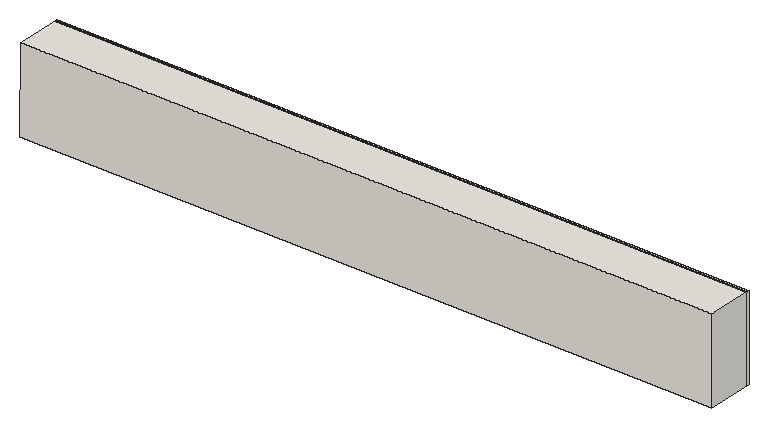
Revit family "ERA_LF_WR_DBA-107", category Осветительные приборы, Revit 2019
Family settings
  Размер круглого соединителя = Использовать диаметр
  Тип детали = Нормальный
  Номер OmniClass = 23.80.70.00
  Заголовок OmniClass = Lighting
  На основе рабочей плоскости = Нет
  Всегда вертикально = Да
  При загрузке вырезать с полостями = Нет
  Источник света = Да
  Общий = Нет
  Точка расчета площади = Да
Parameters (values of type "DBA-107-0-20, LED, IP20, 450х55х30 мм (ДхШхВ), 9 Вт, 6500 К, 430 лм, класс защиты II, в комплекте (драйвер на конденсаторах)")
  built-in parameter 1150104 = 13.8 (stored number, unit not read)
  Чаша подвеса [instance] = yes
  built-in parameter 1150134 = 3
  Файл фотометрической сетки = "DBA-107-0-20.ies"
  Tilt Angle = 90.00°
  УГО_Смещение по оси Y [instance] = 1000.00 mm
  УГО_Смещение по оси X [instance] = 1000.00 mm
  built-in parameter 1150137 = (empty or 0)
  built-in parameter 1150132 = 2
  built-in parameter 1150114 = 1 (stored number, unit not read)
  Dimming Lamp Color Temperature Shift = (empty or 0)
  built-in parameter 1150105 = 486.97 (stored number, unit not read)
  Color Filter = 16777215
  Lumens = 430 lm
  built-in parameter 1150109 = 1 (stored number, unit not read)
  built-in parameter 1150112 = 1 (stored number, unit not read)
  built-in parameter 1150110 = 1 (stored number, unit not read)
  built-in parameter 1150113 = 1 (stored number, unit not read)
  built-in parameter 1150115 = 1 (stored number, unit not read)
  built-in parameter 1114218 = 1 (stored number, unit not read)
  built-in parameter 1114217 = 1 (stored number, unit not read)
  built-in parameter 1150106 = 4.8697 (stored number, unit not read)
  built-in parameter 1150142 = "IESNA:LM-63-1995\r\n[TEST] TH-2070A\r\n[ISSUEDATE] 2020/12/1 15:48\r\n[MANUFAC] ЭРА\r\n[LUMCAT] \r\n[LUMINAIRE] DBA-107-0-20\r\n[LAMPCAT] \r\n[LAMP] \r\n[_VOLTAGE] \r\n[_CURRENT] \r\n[_POWERFACTOR] \r\n[TESTLAB] \r\n[_TESTINST] \r\n[_TESTDIST] \r\n[_TESTTEMPERATURE] \r\n[_TESTHUMIDITY] \r\n[_TESTOPERATOR] \r\n[BALLAST] \r\n[BALLASTCAT] \r\nTILT=NONE\r\n1 429.7 1.000 181 9 1 2 0.450 0.055 0.030  \r\n1.000 1.000 9.00\r\n0.0 1.0 2.0 3.0 4.0 5.0 6.0 7.0 8.0 9.0 10.0 11.0 12.0 13.0 14.0 15.0 16.0 17.0 18.0 19.0 20.0 21.0 22.0 23.0 24.0 25.0 26.0 27.0 28.0 29.0 30.0 31.0 32.0 33.0 34.0 35.0 36.0 37.0 38.0 39.0 40.0 41.0 42.0 43.0 44.0 45.0 46.0 47.0 48.0 49.0 50.0 51.0 52.0 53.0 54.0 55.0 56.0 57.0 58.0 59.0 60.0 61.0 62.0 63.0 64.0 65.0 66.0 67.0 68.0 69.0 70.0 71.0 72.0 73.0 74.0 75.0 76.0 77.0 78.0 79.0 80.0 81.0 82.0 83.0 84.0 85.0 86.0 87.0 88.0 89.0 90.0 91.0 92.0 93.0 94.0 95.0 96.0 97.0 98.0 99.0 100.0 101.0 102.0 103.0 104.0 105.0 106.0 107.0 108.0 109.0 110.0 111.0 112.0 113.0 114.0 115.0 116.0 117.0 118.0 119.0 120.0 121.0 122.0 123.0 124.0 125.0 126.0 127.0 128.0 129.0 130.0 131.0 132.0 133.0 134.0 135.0 136.0 137.0 138.0 139.0 140.0 141.0 142.0 143.0 144.0 145.0 146.0 147.0 148.0 149.0 150.0 151.0 152.0 153.0 154.0 155.0 156.0 157.0 158.0 159.0 160.0 161.0 162.0 163.0 164.0 165.0 166.0 167.0 168.0 169.0 170.0 171.0 172.0 173.0 174.0 175.0 176.0 177.0 178.0 179.0 180.0 \r\n0.0 45.0 90.0 135.0 180.0 225.0 270.0 315.0 360.0 \r\n149.65 149.70 149.71 149.66 149.52 149.22 148.89 148.40 147.82 147.23 146.60 145.90 145.30 144.76 144.42 144.24 144.42 145.26 146.92 148.93 152.13 155.90 159.34 163.04 165.78 167.80 169.41 171.03 172.20 171.98 170.21 167.37 163.59 157.66 151.50 145.79 140.14 135.32 130.86 127.46 124.84 122.12 119.70 117.33 114.94 112.18 109.44 106.48 103.16 100.09 96.95 93.78 90.22 86.87 83.32 79.75 75.78 71.96 67.80 62.95 56.58 50.13 42.81 33.58 25.15 17.73 11.74 7.26 4.29 2.21 1.70 1.51 1.33 1.23 1.14 1.09 1.07 1.08 1.11 1.11 1.09 1.07 1.00 0.86 0.40 0.47 0.36 0.29 0.28 0.25 0.25 0.26 0.28 0.30 0.32 0.36 0.38 0.40 0.43 0.45 0.47 0.51 0.52 0.54 0.57 0.60 0.62 0.65 0.68 0.70 0.74 0.76 0.79 0.82 0.85 0.87 0.91 0.93 0.97 0.99 1.02 1.04 1.07 1.10 1.12 1.14 1.18 1.19 1.22 1.24 1.27 1.28 1.31 1.33 1.35 1.38 1.38 1.40 1.43 1.44 1.45 1.48 1.49 1.51 1.53 1.56 1.55 1.58 1.59 1.61 1.63 1.65 1.67 1.69 1.70 1.71 1.74 1.75 1.77 1.79 1.80 1.83 1.84 1.86 1.88 1.90 1.91 1.93 1.94 1.97 1.98 2.00 2.01 2.02 2.04 2.06 2.06 2.07 2.08 2.08 2.08 \r\n149.65 149.47 149.85 150.74 152.27 154.48 157.27 160.15 163.10 166.54 169.70 172.90 176.10 178.73 181.06 182.80 184.46 185.45 185.66 185.38 184.88 184.04 183.05 182.18 181.57 180.77 180.23 179.82 179.20 178.60 177.85 176.59 174.93 172.33 168.97 164.53 159.96 153.87 147.71 141.55 134.95 129.08 123.48 117.87 113.19 108.95 104.61 101.03 97.84 94.57 91.69 88.78 86.01 82.91 80.10 77.23 74.05 71.06 67.89 64.51 60.48 56.43 51.71 45.81 37.78 29.40 20.76 13.09 7.51 3.98 2.21 1.64 1.34 1.17 1.05 0.97 0.91 0.86 0.78 0.69 0.60 0.50 0.43 0.40 0.37 0.35 0.32 0.31 0.30 0.30 0.31 0.33 0.33 0.35 0.37 0.40 0.40 0.42 0.42 0.45 0.46 0.50 0.50 0.53 0.55 0.58 0.59 0.64 0.65 0.68 0.70 0.73 0.75 0.78 0.81 0.83 0.85 0.88 0.90 0.93 0.95 0.99 1.00 1.04 1.06 1.08 1.10 1.14 1.15 1.18 1.20 1.23 1.25 1.29 1.30 1.33 1.35 1.35 1.38 1.39 1.42 1.43 1.46 1.46 1.49 1.51 1.52 1.55 1.58 1.59 1.61 1.64 1.71 1.69 1.69 1.71 1.71 1.72 1.75 1.80 1.80 1.82 1.80 1.84 1.86 1.88 1.90 1.91 1.94 1.97 1.71 1.98 2.00 2.02 2.03 2.04 2.05 2.06 2.06 2.09 2.08 \r\n149.65 149.47 150.53 153.04 156.72 160.84 165.17 170.23 174.81 179.48 183.85 186.82 188.83 189.08 188.05 185.79 182.54 179.19 175.21 170.27 165.65 161.23 156.98 153.38 150.12 146.96 144.46 142.01 140.02 138.07 136.27 134.40 132.74 130.85 129.15 127.23 125.44 123.63 121.55 119.67 117.81 115.77 113.88 112.04 110.32 108.42 106.64 104.80 102.49 100.14 97.79 95.09 92.17 88.53 84.39 78.89 71.41 63.67 55.24 46.44 38.33 30.46 24.33 19.36 15.80 13.70 12.49 11.48 10.53 9.65 8.76 7.72 6.76 5.78 4.75 3.65 2.70 1.95 1.49 1.25 1.11 0.98 0.87 0.77 0.66 0.56 0.47 0.38 0.33 0.30 0.30 0.30 0.33 0.33 0.35 0.36 0.39 0.40 0.43 0.44 0.46 0.45 0.48 0.49 0.51 0.52 0.56 0.56 0.59 0.61 0.63 0.66 0.67 0.70 0.73 0.76 0.77 0.80 0.83 0.85 0.87 0.89 0.93 0.94 0.99 1.01 1.03 1.05 1.09 1.11 1.14 1.17 1.20 1.22 1.25 1.28 1.29 1.32 1.35 1.37 1.39 1.41 1.42 1.46 1.47 1.50 1.51 1.54 1.56 1.52 1.60 1.62 1.65 1.69 1.70 1.73 1.75 1.79 1.79 1.82 1.84 1.86 1.88 1.90 1.92 1.94 1.94 1.96 1.97 1.99 1.99 2.02 2.02 2.04 2.04 2.06 2.04 2.06 2.07 2.07 2.07 \r\n149.65 149.41 149.85 150.98 152.65 155.13 157.85 161.19 164.29 167.41 170.74 174.11 177.86 180.83 183.15 184.95 186.08 186.57 186.41 185.93 185.20 184.18 182.96 181.73 180.08 178.59 177.00 175.19 173.73 172.82 171.93 170.93 169.61 168.01 165.39 162.16 158.20 153.20 148.13 142.35 137.23 131.71 126.91 122.41 117.82 113.96 110.31 106.53 103.30 100.28 97.08 94.25 91.45 88.70 85.64 82.86 80.04 77.15 73.88 70.74 67.57 64.15 59.94 55.40 49.49 42.17 33.81 23.84 15.61 9.02 4.76 2.50 1.63 1.30 1.13 1.02 0.95 0.92 0.88 0.81 0.75 0.66 0.55 0.46 0.41 0.38 0.35 0.34 0.30 0.29 0.29 0.26 0.29 0.32 0.34 0.34 0.37 0.39 0.39 0.40 0.43 0.45 0.46 0.49 0.49 0.52 0.55 0.58 0.59 0.63 0.65 0.68 0.71 0.74 0.75 0.79 0.81 0.84 0.84 0.89 0.89 0.93 0.95 0.99 1.00 1.04 1.06 1.09 1.11 1.15 1.16 1.19 1.21 1.23 1.27 1.29 1.30 1.34 1.36 1.37 1.41 1.42 1.44 1.45 1.49 1.49 1.53 1.54 1.56 1.59 1.61 1.62 1.65 1.67 1.68 1.70 1.73 1.74 1.77 1.79 1.79 1.83 1.84 1.85 1.86 1.88 1.90 1.94 1.95 1.96 1.98 2.00 2.03 2.05 2.06 2.06 2.09 2.09 2.11 2.11 2.08 \r\n149.65 149.62 149.60 149.61 149.58 149.47 149.34 149.09 148.78 148.33 147.42 146.77 146.15 146.14 145.76 145.83 146.12 147.02 148.53 150.23 152.75 155.78 158.66 161.93 165.12 167.47 170.33 171.71 172.26 171.84 170.55 168.54 165.28 161.25 157.22 153.02 149.28 145.22 141.70 138.42 135.61 132.43 129.27 126.29 123.02 120.00 117.06 113.93 110.98 107.94 104.80 101.16 97.78 94.01 90.57 87.15 83.41 79.83 75.91 71.40 66.84 61.95 55.55 48.16 38.82 29.60 20.54 13.21 8.41 4.86 2.82 2.29 1.59 1.35 1.26 1.22 1.14 1.11 1.11 1.12 1.11 1.06 1.04 0.96 0.86 0.67 0.52 0.39 0.31 0.25 0.23 0.25 0.26 0.27 0.28 0.31 0.31 0.34 0.35 0.38 0.40 0.40 0.43 0.45 0.49 0.49 0.52 0.53 0.57 0.58 0.61 0.64 0.67 0.69 0.71 0.76 0.77 0.81 0.81 0.86 0.87 0.90 0.92 0.96 0.96 1.00 1.02 1.05 1.08 1.08 1.12 1.13 1.14 1.16 1.21 1.22 1.24 1.25 1.29 1.28 1.32 1.33 1.37 1.37 1.41 1.43 1.45 1.46 1.50 1.52 1.53 1.56 1.59 1.62 1.62 1.66 1.68 1.71 1.72 1.77 1.79 1.83 1.84 1.87 1.90 1.92 1.96 1.99 2.01 2.02 2.03 2.04 2.05 2.10 2.08 2.10 2.10 2.12 2.11 2.12 2.13 \r\n149.65 150.58 152.27 154.64 157.52 160.52 163.49 166.76 169.64 172.23 174.43 176.44 178.07 179.25 180.03 180.56 180.37 179.78 178.83 177.63 176.69 175.75 174.69 173.60 172.72 172.03 171.54 171.42 171.42 171.33 171.30 171.17 170.74 169.77 167.93 165.27 162.21 158.23 153.97 148.94 143.22 137.92 132.53 126.41 121.21 116.39 111.94 107.44 103.64 100.01 96.34 93.25 90.24 87.03 84.17 81.14 78.44 75.66 72.72 70.07 67.48 64.74 61.34 57.60 52.40 46.45 38.41 28.09 18.78 11.30 5.83 3.16 2.08 1.56 1.33 1.17 1.06 0.97 0.89 0.80 0.70 0.60 0.50 0.44 0.38 0.35 0.32 0.29 0.27 0.25 0.14 0.25 0.27 0.28 0.28 0.29 0.30 0.32 0.34 0.35 0.37 0.38 0.40 0.48 0.44 0.46 0.48 0.51 0.52 0.55 0.57 0.60 0.62 0.65 0.67 0.69 0.72 0.73 0.76 0.78 0.81 0.83 0.86 0.88 0.91 0.93 0.95 0.97 0.99 1.02 1.04 1.07 1.09 1.12 1.14 1.16 1.18 1.20 1.23 1.25 1.27 1.29 1.30 1.33 1.35 1.38 1.40 1.43 1.45 1.48 1.50 1.52 1.55 1.57 1.61 1.63 1.66 1.69 1.71 1.74 1.77 1.80 1.83 1.86 1.88 1.90 1.92 1.94 1.96 1.97 1.99 2.00 2.03 2.03 2.05 2.05 2.07 2.07 2.08 2.08 2.09 \r\n149.65 151.04 154.37 158.18 162.59 166.72 171.05 174.28 177.09 179.19 181.10 182.68 182.94 181.84 179.17 176.09 172.66 168.95 164.85 161.12 157.40 153.79 149.99 146.82 144.12 141.63 139.72 138.15 136.58 135.20 133.58 131.90 130.07 128.36 126.56 124.68 122.63 120.83 119.03 117.21 115.22 113.32 111.56 109.69 108.11 106.48 104.92 103.20 101.61 99.86 97.87 96.01 93.76 91.30 88.41 84.62 80.12 74.28 66.91 57.50 48.46 40.08 32.20 26.17 20.89 17.49 15.00 13.11 11.72 10.67 9.68 8.75 7.74 6.52 5.36 4.22 3.12 2.41 1.89 1.55 1.36 1.19 1.06 0.94 0.65 0.47 0.33 0.31 0.29 0.27 0.24 0.25 0.25 0.30 0.30 0.34 0.32 0.34 0.35 0.36 0.38 0.38 0.39 0.41 0.43 0.44 0.48 0.49 0.52 0.54 0.55 0.57 0.59 0.62 0.64 0.67 0.69 0.72 0.72 0.76 0.78 0.81 0.84 0.86 0.88 0.92 0.94 0.97 1.01 1.03 1.06 1.07 1.11 1.13 1.16 1.18 1.21 1.21 1.24 1.26 1.29 1.29 1.31 1.35 1.36 1.39 1.40 1.44 1.46 1.49 1.51 1.56 1.57 1.62 1.65 1.68 1.70 1.74 1.77 1.79 1.82 1.86 1.88 1.89 1.90 1.92 1.93 1.94 1.96 1.98 1.99 2.00 2.02 2.04 2.05 2.07 2.08 2.09 2.10 2.10 2.11 \r\n149.65 150.46 152.12 154.44 157.01 159.85 162.80 166.03 168.67 171.03 172.86 174.68 176.13 177.26 178.08 178.59 178.57 178.23 177.51 176.62 175.46 174.68 174.20 173.74 173.74 173.72 174.26 175.15 175.70 176.32 176.76 176.56 175.37 173.27 170.72 167.16 162.81 157.42 150.92 144.32 137.19 129.72 123.47 117.72 112.39 107.03 102.75 98.95 95.29 92.27 89.51 86.53 83.89 80.94 78.30 75.65 73.06 70.18 67.65 64.94 61.56 58.09 53.91 48.27 41.79 32.88 23.75 15.42 8.42 4.46 2.52 1.62 1.30 1.11 1.01 0.92 0.87 0.81 0.72 0.62 0.52 0.45 0.39 0.36 0.34 0.31 0.28 0.27 0.25 0.24 0.25 0.26 0.28 0.29 0.31 0.31 0.34 0.35 0.35 0.37 0.39 0.41 0.43 0.45 0.47 0.50 0.51 0.54 0.57 0.59 0.61 0.63 0.67 0.70 0.72 0.73 0.76 0.78 0.80 0.82 0.84 0.87 0.89 0.91 0.93 0.97 0.98 1.01 1.03 1.06 1.08 1.11 1.13 1.15 1.16 1.20 1.21 1.23 1.25 1.28 1.30 1.31 1.34 1.36 1.40 1.41 1.44 1.47 1.47 1.50 1.52 1.55 1.57 1.60 1.62 1.65 1.67 1.70 1.73 1.76 1.78 1.81 1.84 1.87 1.89 1.93 1.95 1.97 1.99 2.01 2.03 2.05 2.05 2.06 2.08 2.08 2.11 2.14 2.10 2.10 2.10 \r\n149.65 149.70 149.71 149.66 149.52 149.22 148.89 148.40 147.82 147.23 146.60 145.90 145.30 144.76 144.42 144.24 144.42 145.26 146.92 148.93 152.13 155.90 159.34 163.04 165.78 167.80 169.41 171.03 172.20 171.98 170.21 167.37 163.59 157.66 151.50 145.79 140.14 135.32 130.86 127.46 124.84 122.12 119.70 117.33 114.94 112.18 109.44 106.48 103.16 100.09 96.95 93.78 90.22 86.87 83.32 79.75 75.78 71.96 67.80 62.95 56.58 50.13 42.81 33.58 25.15 17.73 11.74 7.26 4.29 2.21 1.70 1.51 1.33 1.23 1.14 1.09 1.07 1.08 1.11 1.11 1.09 1.07 1.00 0.86 0.40 0.47 0.36 0.29 0.28 0.25 0.25 0.26 0.28 0.30 0.32 0.36 0.38 0.40 0.43 0.45 0.47 0.51 0.52 0.54 0.57 0.60 0.62 0.65 0.68 0.70 0.74 0.76 0.79 0.82 0.85 0.87 0.91 0.93 0.97 0.99 1.02 1.04 1.07 1.10 1.12 1.14 1.18 1.19 1.22 1.24 1.27 1.28 1.31 1.33 1.35 1.38 1.38 1.40 1.43 1.44 1.45 1.48 1.49 1.51 1.53 1.56 1.55 1.58 1.59 1.61 1.63 1.65 1.67 1.69 1.70 1.71 1.74 1.75 1.77 1.79 1.80 1.83 1.84 1.86 1.88 1.90 1.91 1.93 1.94 1.97 1.98 2.00 2.01 2.02 2.04 2.06 2.06 2.07 2.08 2.08 2.08 \r\n"
  built-in parameter 1150133 = 10 (stored number, unit not read)
  Wattage = 9.2903 W
  built-in parameter 1150139 = (empty or 0)
  built-in parameter 1150138 = (empty or 0)
  built-in parameter 1150107 = 6500 (stored number, unit not read)
  built-in parameter 1150102 = (empty or 0)
  Emit from Rectangle Width = _Корпус_Ширина  # 55.00 mm
  Emit from Rectangle Length = _Корпус_Длина  # 450.00 mm
  Emit Shape Visible in Rendering = no
  _УГО_Ширина = if(_Корпус_Ширина / УГО_Масштаб < 1.00 mm, 1.00 mm, _Корпус_Ширина / УГО_Масштаб)  # 1.00 mm
  УГО_Масштаб = 100
  _УГО_Длина = if(_Корпус_Длина / УГО_Масштаб < 1.00 mm, 1.00 mm, _Корпус_Длина / УГО_Масштаб)  # 4.50 mm
  _УГО_Диаметр = if(_Корпус_Длина / УГО_Масштаб < 1.00 mm, 1.00 mm, _Корпус_Длина / УГО_Масштаб)  # 4.50 mm
  УГО_Видимость [instance] = not(УГО_Реальный размер)  # yes
  УГО_Аварийный [instance] = no
  Тип установки = "Настенный"
  Степень защиты IP = "IP20"
  Разработчик модели = "https://www.teslabim.ru"
  _Подвес_Чаша_Диаметр = 10.00 mm
  _Подвес_Чаша_Высота = 20.00 mm
  _Подвес_Длина [instance] = 100.00 mm
  _Подвес_Диаметр = 1.00 mm
  _Корпус_Ширина = if(ADSK_Размер_Ширина < 1.00 mm, 1.00 mm, ADSK_Размер_Ширина)  # 55.00 mm
  _Корпус_Длина = if(ADSK_Размер_Длина < 1.00 mm, 1.00 mm, ADSK_Размер_Длина)  # 450.00 mm
  built-in parameter 1114216 [instance] = 1 (stored number, unit not read)
  Цвет = Белый
  УГО_Реальный размер [instance] = no
  Description = ""
  Lamp = ""
  Комплект = "Драйвер на конденсаторах"
  Класс пожароопасности = "Нет"
  Класс защиты = "II"
  Источник света = "LED"
  Manufacturer = ""
  Геометрия изделия = "Прямоугольный"
  _Корпус_Диаметр = if(ADSK_Размер_Диаметр < 1.00 mm, 1.00 mm, ADSK_Размер_Диаметр)  # 1.00 mm
  _Корпус_Высота = if(ADSK_Размер_Высота < 1.00 mm, 1.00 mm, ADSK_Размер_Высота)  # 30.00 mm
  URL = "https://www.eraworld.ru/catalog/2649792"
  ADSK_Размер_Ширина = 55.00 mm
  ADSK_Размер_Длина = 450.00 mm
  ADSK_Размер_Диаметр = 0.00 mm
  ADSK_Примечание = "Драйвер на конденсаторах, пластик"
  ADSK_Полная мощность = ADSK_Номинальная мощность / ADSK_Коэффициент мощности  # 10.5882 VA
  ADSK_Позиция = ""
  ADSK_Номинальная мощность = 9 W
  ADSK_Напряжение = 230 V
  ADSK_Наименование краткое = "Светильник"
  ADSK_Масса = 0.4
  ADSK_Марка = "DBA-107-0-20"
  ADSK_Коэффициент мощности = 0.85
  ADSK_Количество фаз = 1
  ADSK_Код изделия = ""
  ADSK_Классификация нагрузок = Освещение
  ADSK_Размер_Высота = 30.00 mm
  ADSK_Обозначение = ADSK_Марка  # "DBA-107-0-20"
  ADSK_Наименование = "Светильник, LED, прямоугольный, настенный, IP20, 450х55х30 мм (ДхШхВ), 9 Вт, 6500 К, 430 лм, класс защиты II, в комплекте (драйвер на конденсаторах)"
  ADSK_Завод-изготовитель = "ЭРА"
  ADSK_Единица измерения = "шт."
Reference planes
  plane 1 "По центру (Вперед/Назад)": y = 0
  plane 2: z = 0
  plane 3 "По центру (Влево/Вправо)": x = 0
  plane 4 "X": x = 1000
  plane 5 "Y": y = -900
  plane 6 "ИС": y = 30
Lines and regions (mm)
  reference lines
    curve 1: line (50, 100, 0) -> (150, 100, 0)
    curve 2: line (0, -50, 0) -> (0, 50, 0)
  reference lines, not visible
    curve 3: line (651.535, -544.594, 0) -> (751.535, -544.594, 0)
    curve 4: line (601.535, -694.594, 0) -> (601.535, -594.594, 0)
Dimensions and locks
  "УГО_Смещение по оси X": curve 2 to plane 4 "X"
  "УГО_Смещение по оси Y": plane 5 "Y" to curve 1
  "_Корпус_Высота": plane 6 "ИС" to plane 1 "По центру (Вперед/Назад)"
  "_Корпус_Высота": plane 1 "По центру (Вперед/Назад)" to plane 6 "ИС"
  aligned and locked: level to plane 2
  aligned and locked: nested 1 to plane 3 "По центру (Влево/Вправо)"
  aligned and locked: nested 1 to plane 2
  aligned and locked: plane 2 to imposter light
  aligned and locked: imposter light to plane 6 "ИС"
  aligned and locked: nested 2 to curve 1
  aligned and locked: curve 2 to nested 2
Nested families
  nested 1: "GM_ОП_Пр_Корпус" at (0, 0, 0) x (0, 0, -1) z (0, 1, 0), type "GM_ОП_Пр_Корпус"
    with Рассеиватель_Высота 1.50 mm, Корпус_Ширина 55.00 mm, Корпус_Длина 450.00 mm, Корпус_Высота 30.00 mm, Кант_Ширина 2.75 mm
  nested 2: "GA_УГО_ОП_н_Пр" at (0, 100, 0), visible <- "УГО_Видимость", type "GA_УГО_ОП_н_Пр", detail levels coarse+medium
    with Длина 4.50 mm, Аварийный no
Connectors
  electrical at (0, 0, 0), driven by "ADSK_Коэффициент мощности", driven by "ADSK_Количество фаз", driven by "ADSK_Классификация нагрузок", driven by "ADSK_Напряжение", driven by "ADSK_Полная мощность"
    settings: index 1, voltage 230 V, apparent load 10.5882 VA, apparent load phase1 0 VA, apparent load phase2 0 VA, apparent load phase3 0 VA, power factor 0.85, load classification "Освещение", number of poles 1, system type 30, power factor state 1, is connector primary yes, connector utility no, sub classification motor no, connector description ""
Definition of nested family "GM_ОП_Пр_Корпус"
  Parameters (values of type "GM_ОП_Пр_Корпус")
    Рассеиватель_Высота = Корпус_Высота * 0.05  # 1.25 mm
    Корпус_Ширина = 42.00 mm
    Цвет = none
    Реальный размер = no
    Default Elevation = 0.00 mm
    Корпус_Длина = 260.00 mm
    Корпус_Высота = 25.00 mm
    Кант_Ширина = Корпус_Ширина * 0.05  # 2.10 mm
  Reference planes
    plane 1 "По центру (Вперед/Назад)": y = 0
    plane 2: z = 0
    plane 3 "По центру (Влево/Вправо)": x = 0
    plane 4 "Ш1": x = 21
    plane 5 "Ш2": x = -21
    plane 6 "Д1": y = 130
    plane 7 "Д2": y = -130
    plane 8 "В": z = 25
    plane 9 "Р": z = 23.75
  Forms (mm)
    Extrusion 1, solid, material <- "Цвет", detail levels fine
      sketch origin (0, 0, 0) x (1, 0, 0) y (0, 1, 0)
        loop
          line (21, -130) -> (21, 130) -> (-21, 130) -> (-21, -130) -> (21, -130)
      from 0 to 23.75
    Extrusion 2, solid, visible <- "Реальный размер", detail levels coarse+medium
      sketch origin (0, 0, 0) x (1, 0, 0) y (0, 1, 0)
        loop
          line (-21, 130) -> (-21, -130) -> (21, -130) -> (21, 130) -> (-21, 130)
      from 0 to 25 <- "Корпус_Высота"
  Dimensions and locks
    equal spacing: plane 5 "Ш2", plane 3 "По центру (Влево/Вправо)", plane 4 "Ш1"
    "Корпус_Ширина": plane 5 "Ш2" to plane 4 "Ш1"
    equal spacing: plane 6 "Д1", plane 1 "По центру (Вперед/Назад)", plane 7 "Д2"
    "Корпус_Длина": plane 6 "Д1" to plane 7 "Д2"
    "Корпус_Высота": plane 2 to plane 8 "В"
    "Рассеиватель_Высота": plane 9 "Р" to plane 8 "В"
    aligned and locked: level to plane 2
    aligned and locked: Extrusion 1 to plane 5 "Ш2"
    aligned and locked: Extrusion 1 to plane 4 "Ш1"
    aligned and locked: Extrusion 1 to plane 6 "Д1"
    aligned and locked: plane 7 "Д2" to Extrusion 1
    aligned and locked: plane 6 "Д1" to Extrusion 2 sketch curve
    aligned and locked: Extrusion 2 sketch curve to plane 7 "Д2"
    aligned and locked: Extrusion 2 sketch curve to plane 5 "Ш2"
    aligned and locked: plane 4 "Ш1" to Extrusion 2 sketch curve
    aligned and locked: Extrusion 1 to plane 2
    aligned and locked: Extrusion 2 to plane 2
    aligned and locked: nested 1 to plane 8 "В"
    aligned and locked: plane 3 "По центру (Влево/Вправо)" to nested 1
    aligned and locked: plane 1 "По центру (Вперед/Назад)" to nested 1
    aligned and locked: Extrusion 1 to plane 9 "Р"
  Automatic sketch dimensions
    Extrusion 1 sketch curve to plane 5 "Ш2" = 0.00 mm
    Extrusion 1 sketch curve to plane 4 "Ш1" = 0.00 mm
    plane 7 "Д2" to Extrusion 1 sketch curve = 0.00 mm
    plane 6 "Д1" to Extrusion 1 sketch curve = 0.00 mm
  Nested families
    nested 1: "GM_ОП_Пр_Рассеиватель" at (0, 0, 23.75), type "GM_ОП_Пр_Рассеиватель"
      with Корпус_Ширина 42.00 mm, Корпус_Длина 260.00 mm, Корпус_Высота 1.25 mm
  Definition of nested family "GM_ОП_Пр_Рассеиватель"
    Parameters (values of type "GM_ОП_Пр_Рассеиватель")
      Корпус_Ширина = 80.00 mm
      Цвет = none
      Default Elevation = 1000.00 mm
      Корпус_Длина = 100.00 mm
      Корпус_Высота = 1.30 mm
      Кант_Ширина = 5.00 mm
    Reference planes
      plane 1 "По центру (Вперед/Назад)": y = 0
      plane 2: z = 0
      plane 3 "По центру (Влево/Вправо)": x = 0
      plane 4 "Ш1": x = 40
      plane 5 "Ш2": x = -40
      plane 6 "Д1": y = 50
      plane 7 "Д2": y = -50
    Forms (mm)
      Extrusion 1, solid, material <- "Цвет", detail levels fine
        sketch origin (0, 0, 0) x (1, 0, 0) y (0, 1, 0)
          loop
            line (40, -50) -> (40, 50) -> (-40, 50) -> (-40, -50) -> (40, -50)
          loop
            line (-35, 45) -> (-35, -45) -> (35, -45) -> (35, 45) -> (-35, 45)
        from 0 to 1.3 <- "Корпус_Высота"
      Extrusion 2, solid, detail levels fine
        sketch origin (20, -32.684, 0) x (1, 0, 0) y (0, 1, 0)
          loop
            line (-55, 77.684) -> (-55, -12.316) -> (15, -12.316) -> (15, 77.684) -> (-55, 77.684)
        from 0 to 1.3 <- "Корпус_Высота"
    Dimensions and locks
      equal spacing: plane 5 "Ш2", plane 3 "По центру (Влево/Вправо)", plane 4 "Ш1"
      "Корпус_Ширина": plane 5 "Ш2" to plane 4 "Ш1"
      equal spacing: plane 6 "Д1", plane 1 "По центру (Вперед/Назад)", plane 7 "Д2"
      "Корпус_Длина": plane 6 "Д1" to plane 7 "Д2"
      "Кант_Ширина": plane 5 "Ш2" to Extrusion 2 sketch curve
      "Кант_Ширина": Extrusion 2 sketch curve to plane 4 "Ш1"
      "Кант_Ширина": plane 6 "Д1" to Extrusion 2 sketch curve
      "Кант_Ширина": plane 7 "Д2" to Extrusion 2 sketch curve
      aligned and locked: level to plane 2
      aligned and locked: plane 5 "Ш2" to Extrusion 1
      aligned and locked: Extrusion 1 to plane 4 "Ш1"
      aligned and locked: Extrusion 1 to plane 6 "Д1"
      aligned and locked: plane 7 "Д2" to Extrusion 1
      aligned and locked: Extrusion 1 to plane 2
      aligned and locked: Extrusion 1 sketch curve to Extrusion 2  (x4)
    Automatic sketch dimensions
      Extrusion 1 sketch curve to plane 5 "Ш2" = 0.00 mm
      Extrusion 1 sketch curve to plane 4 "Ш1" = 0.00 mm
      plane 7 "Д2" to Extrusion 1 sketch curve = 0.00 mm
      plane 6 "Д1" to Extrusion 1 sketch curve = 0.00 mm
Definition of nested family "GA_УГО_ОП_н_Пр"
  Parameters (values of type "GA_УГО_ОП_н_Пр")
    Ширина = 1.00 mm
    Длина = 1.00 mm
    Аварийный = yes
  Reference planes
    plane 1: y = 0
    plane 2: x = 0
  Lines and regions (mm)
    Masking region 1
      outline origin (-3.791, 0.433, 0) x (1, 0, 0) y (0, 1, 0)
        loop
          line (3.291, 0.567) -> (3.291, -0.433) -> (4.291, -0.433) -> (4.291, 0.567) -> (3.291, 0.567)
    reference lines
      curve 1: line (0.5, 2, 0) -> (0.5, 1, 0)
      curve 2: line (0.5, 1, 0) -> (1.5, 1, 0)
    reference lines, not visible
      curve 3: line (1.88, 1.985, 0) -> (1.88, 0.985, 0)
      curve 4: line (1.88, 0.985, 0) -> (2.88, 0.985, 0)
  Text (mm)
    text "А" at (0.659, 3.406, 0), visible <- "Аварийный"
    text "А" at (2.039, 3.391, 0), visible <- "Аварийный", not visible
  Dimensions and locks
    equal spacing: Masking region 1, plane 2, Masking region 1
    "Длина": Masking region 1 to Masking region 1
    "Ширина": plane 1 to Masking region 1
    aligned and locked: Masking region 1 sketch curve to plane 1
    aligned and locked: Masking region 1 to curve 2
    aligned and locked: curve 1 to Masking region 1
  Automatic sketch dimensions
    Masking region 1 sketch curve to plane 2 = 0.50 mm
    plane 2 to Masking region 1 sketch curve = 0.50 mm
    Masking region 1 sketch curve to plane 1 = 1.00 mm
